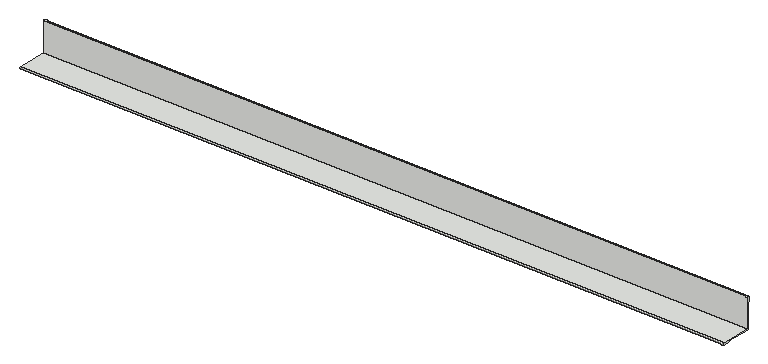
Revit family "PR310", category Mechanical Equipment, Revit 2018
Family settings
  Round Connector Dimension = Use Diameter
  Part Type = Normal
  OmniClass Number = 23.75.00.00
  OmniClass Title = Climate Control (HVAC)
  Work Plane-Based = No
  Always vertical = Yes
  Cut with Voids When Loaded = No
  Shared = No
  Room Calculation Point = No
Parameters (values of type "ISOLAMIN PR310 flashing")
  URL = "http://www.isolamin.se/"
  Thickness = "0.7 mm (Different thicknesses are available on request) \r\n0.7 mm (Different thicknesses are available on request) \r\n0.7 mm (Different thicknesses are available on request)"
  Profile Length = 1180 mm
  Model = "PR310"
  Material = "Galvanized Steel"
  Manufacturer = "ISOLAMIN AB"
  Edition = "1.0 (2018)"
Reference planes
  plane 1 "Center (Front/Back)": y = 0
  plane 2: z = 0
  plane 3 "Center (Left/Right)": x = 0
  plane 4: y = -1284.913
  plane 5: x = 1180
Forms (mm)
  Extrusion 1, solid, material "ISOLAMIN Surface Profile Material"
    sketch origin (0, 0, 0) x (0, 1, 0) y (0, 0, 1)
      loop
        line (-2, 50.256) -> (-2, 2) -> (-50.256, 2)
        arc (-50.256, 2) -> (-51, 1) -> (-50.256, 0) r 1.044
        line (-50.256, 0) -> (-41.7, 0) -> (-41.7, 1) -> (-1.7, 1)
        arc (-1.7, 1) -> (-1.205, 1.205) -> (-1, 1.7) r 0.7
        line (-1, 1.7) -> (-1, 41.7) -> (0, 41.7) -> (0, 50.256)
        arc (0, 50.256) -> (-1, 51) -> (-2, 50.256) r 1.044
    from 0 to 1180
Dimensions and locks
  "Profile Length": plane 3 "Center (Left/Right)" to plane 5
  aligned and locked: level to plane 2
  aligned and locked: plane 5 to Extrusion 1
Automatic sketch dimensions
  Extrusion 1 sketch curve to level = 0 mm
  Extrusion 1 sketch curve to plane 1 "Center (Front/Back)" = 0 mm
  plane 1 "Center (Front/Back)" to Extrusion 1 sketch curve = 1 mm  (x2)
  Extrusion 1 sketch curve to Extrusion 1 sketch curve = 0.7 mm
  Extrusion 1 sketch curve to Extrusion 1 sketch curve = 0.3 mm  (x4)
  Extrusion 1 sketch curve to Extrusion 1 sketch curve = 39.7 mm  (x2)
  level to Extrusion 1 sketch curve = 1 mm  (x2)
  Extrusion 1 sketch curve to Extrusion 1 sketch curve = 8.256 mm  (x2)
